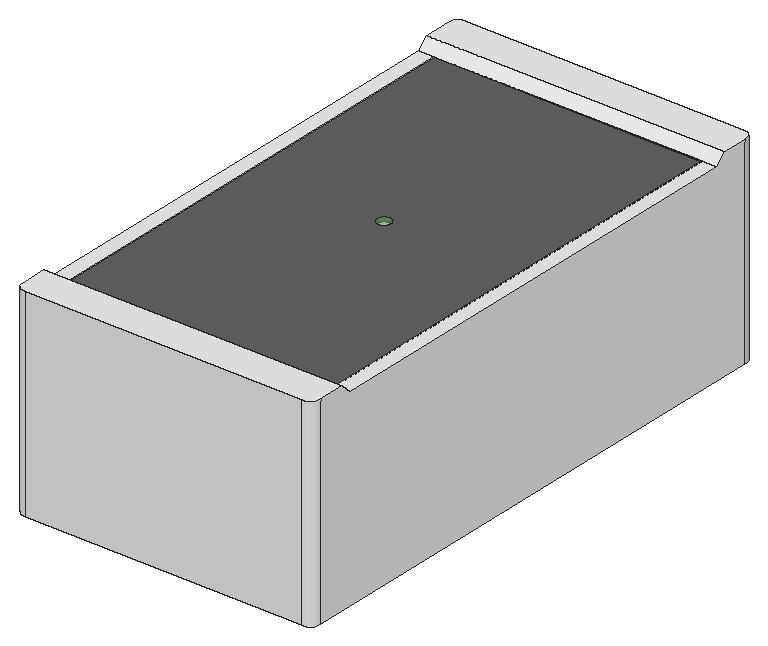
Revit family "Long Range Receiver_WRR-44_Farpointe_R17", category Security Devices, host Face, Revit 2017
Family settings
  Host = Face
  Maintain Annotation Orientation = No
  Round Connector Dimension = Use Diameter
  Part Type = Normal
  Cut with Voids When Loaded = No
  Shared = No
  Room Calculation Point = No
Parameters
  Width = 3.4"
  White Plastic [instance] = White Plastic
  URL - Quick Start Guides [instance] = "http://farpointedata.com/downloads/qsg_and_ref/WRR44_RangerReceiver_QSG.pdf"
  URL - Mounting Guides Letter Size [instance] = "N/A"
  URL - Mounting Guides A4 Size [instance] = "N/A"
  URL - Data Sheets [instance] = "http://farpointedata.com/downloads/datasheets/WRR44_TDS.pdf"
  URL - Bid Specifications [instance] = "http://farpointedata.com/downloads/bid_specs/Farpointe_Ranger_Specification.docx"
  URL = "http://www.farpointedata.com/"
  Modeled By [instance] = "www.commensestudio.com"
  Model = "WRR-44 Ranger Long-Range Receiver"  # constant formula
  Manufacturer = "Farpointe Data"  # constant formula
  LED [instance] = LED
  Height = 6.3"
  Description = "Four Channel"  # constant formula
  Depth = 2.3"
  Default Elevation = 48"
  Black Plastic [instance] = Black Plastic
Reference planes (in)
  plane 1 "Center (Front/Back)": y = 0
  plane 2: z = 0
  plane 3 "Center (Left/Right)": x = 0
  plane 4: x = -1.7
  plane 5: x = 1.7
  plane 6: y = 3.15
  plane 7: y = -3.15
  plane 8: z = 2.3
Forms (in)
  Extrusion 1, void
    sketch origin (0, 0, 0) x (1, 0, 0) y (0, 1, 0)
      loop
        circle (0, 0) r 0.07968
    from 1.75 to 2.3
  Extrusion 2, solid, material "LED" <- "LED"
    sketch origin (0, 0, 0) x (1, 0, 0) y (0, 1, 0)
      loop
        circle (0, 0) r 0.07968
    from 2.15 to 2.19281
  Extrusion 3, solid, material "White Plastic" <- "White Plastic"
    sketch origin (0, -1.5, 0.4) x (1, 0, 0) y (0, 1, 0)
      loop
        arc (-1.575, 4.65) -> (-1.66339, 4.61339) -> (-1.7, 4.525) r 0.125
        line (-1.7, 4.525) -> (-1.7, -1.525)
        arc (-1.7, -1.525) -> (-1.66339, -1.61339) -> (-1.575, -1.65) r 0.125
        line (-1.575, -1.65) -> (1.575, -1.65)
        arc (1.575, -1.65) -> (1.66339, -1.61339) -> (1.7, -1.525) r 0.125
        line (1.7, -1.525) -> (1.7, 4.525)
        arc (1.7, 4.525) -> (1.66339, 4.61339) -> (1.575, 4.65) r 0.125
        line (1.575, 4.65) -> (-1.575, 4.65)
    from -0.4 to 1.9
  Extrusion 4, void
    sketch origin (0, -1.5, 0.4) x (0, 1, 0) y (0, 0, 1)
      loop
        line (-1.22641, 1.9) -> (-1.11922, 1.79281) -> (4.11922, 1.79281) -> (4.22641, 1.9) -> (-1.22641, 1.9)
    from -1.7 to 1.7
  Extrusion 5, void
    sketch origin (0, -1.5, 0.4) x (1, 0, 0) y (0, 1, 0)
      loop
        line (-1.525, 4.11922) -> (-1.525, -1.11922) -> (1.525, -1.11922) -> (1.525, 4.11922) -> (-1.525, 4.11922)
      loop
        circle (0, 1.5) r 0.07968
    from 1.75 to 1.79281
  Extrusion 6, solid, material "Black Plastic" <- "Black Plastic"
    sketch origin (0, -1.5, 0.4) x (1, 0, 0) y (0, 1, 0)
      loop
        line (-1.525, -1.11922) -> (1.525, -1.11922) -> (1.525, 4.11922) -> (-1.525, 4.11922) -> (-1.525, -1.11922)
    from 1.75 to 1.79
Cuts and joins
  Extrusion 1, Extrusion 4, Extrusion 5 cuts Extrusion 3
  Extrusion 1, Extrusion 4 cuts Extrusion 6
Dimensions and locks (in)
  equal spacing: plane 7, plane 1 "Center (Front/Back)", plane 6
  equal spacing: plane 4, plane 3 "Center (Left/Right)", plane 5
  "Height": plane 7 to plane 6
  "Width": plane 4 to plane 5
  "Depth": plane 8 to level
  aligned and locked: plane 2 to host face
  aligned and locked: level to host face
Automatic sketch dimensions
  host sketch curve to host sketch curve = 96"  (x2)
  plane 1 "Center (Front/Back)" to Extrusion 1 sketch curve = 0"
  Extrusion 1 sketch curve to plane 3 "Center (Left/Right)" = 0"
  plane 1 "Center (Front/Back)" to Extrusion 2 sketch curve = 0"
  Extrusion 2 sketch curve to plane 3 "Center (Left/Right)" = 0"
  Extrusion 3 sketch curve to plane 4 = 0"
  plane 7 to Extrusion 3 sketch curve = 0"
  plane 6 to Extrusion 3 sketch curve = 0"
  Extrusion 3 sketch curve to plane 5 = 0"
  plane 4 to Extrusion 3 sketch curve = 0.125"  (x2)
  Extrusion 3 sketch curve to plane 5 = 0.125"  (x2)
  Extrusion 4 sketch curve to plane 7 = 0.42359"
  Extrusion 4 sketch curve to Extrusion 4 sketch curve = 0.10719"  (x2)
  Extrusion 4 sketch curve to plane 8 = 0.10719"
  plane 6 to Extrusion 4 sketch curve = 0.53078"
  Extrusion 4 sketch curve to plane 8 = 0"
  Extrusion 6 sketch curve to plane 7 = 0.53078"
  plane 4 to Extrusion 6 sketch curve = 0.175"
  Extrusion 6 sketch curve to plane 5 = 0.175"
  plane 6 to Extrusion 6 sketch curve = 0.53078"
  plane 1 "Center (Front/Back)" to Extrusion 5 sketch curve = 0"
  Extrusion 5 sketch curve to plane 3 "Center (Left/Right)" = 0"
  plane 4 to Extrusion 5 sketch curve = 0.175"
  Extrusion 5 sketch curve to plane 5 = 0.175"
  Extrusion 5 sketch curve to plane 7 = 0.53078"
  plane 6 to Extrusion 5 sketch curve = 0.53078"
  radius of Extrusion 1 sketch curve = 0.07968"
  radius of Extrusion 2 sketch curve = 0.07968"
  radius of Extrusion 5 sketch curve = 0.07968"
Connectors (in)
  electrical at (0, 0, 0)
    settings: index 2, voltage 0 V, apparent load 0 VA, apparent load phase1 0 VA, apparent load phase2 0 VA, apparent load phase3 0 VA, power factor 1, load classification "Other", number of poles 1, system type 10, power factor state 1, is connector primary yes, connector utility no, sub classification motor no, connector description ""
